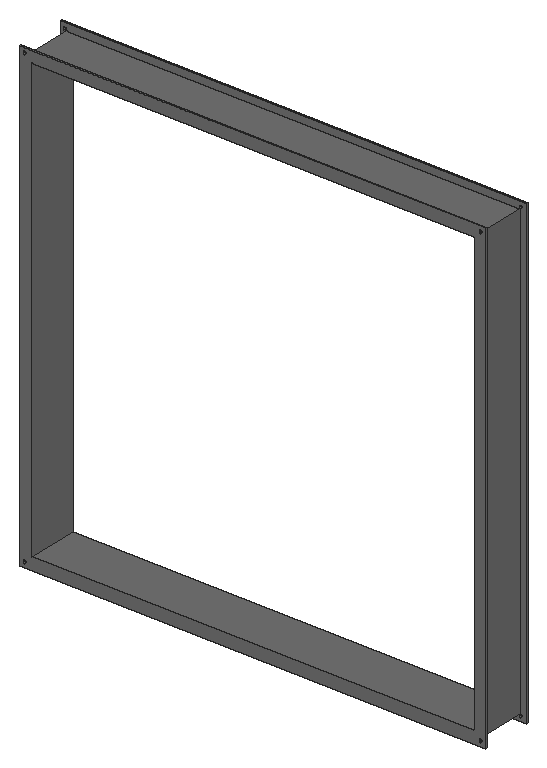
Revit family "19.Гибкая вставка ANR B1", category Оборудование, Revit 2016 (continued)
Definition of nested family "УГО гибкая вставка №40 (разрез)"
  Automatic sketch dimensions
    curve 39 to curve 40 = 0 mm
    curve 41 to curve 31 = 0 mm
    curve 212 to curve 213 = 0 mm
    curve 42 to curve 32 = 0 mm
    curve 213 to curve 211 = 0 mm  (x2)
    curve 43 to curve 33 = 0 mm
    curve 210 to curve 211 = 0 mm
    curve 44 to curve 34 = 0 mm
    curve 211 to curve 209 = 0 mm  (x2)
    curve 45 to curve 35 = 0 mm
    curve 208 to curve 209 = 0 mm
    curve 46 to curve 36 = 0 mm
    curve 209 to curve 207 = 0 mm  (x2)
    curve 47 to curve 37 = 0 mm
    curve 206 to curve 207 = 0 mm
    curve 48 to curve 38 = 0 mm
    curve 207 to curve 205 = 0 mm  (x2)
    curve 49 to curve 39 = 0 mm
    curve 204 to curve 205 = 0 mm
    curve 50 to curve 41 = 0 mm
    curve 205 to curve 203 = 0 mm  (x2)
    curve 202 to curve 203 = 0 mm
    curve 71 to curve 50 = 0 mm
    curve 203 to curve 201 = 0 mm  (x2)
    curve 72 to curve 50 = 0 mm
    curve 192 to curve 201 = 0 mm
    curve 50 to curve 73 = 0 mm
    curve 74 to curve 71 = 0 mm
    curve 201 to curve 191 = 0 mm  (x2)
    curve 75 to curve 72 = 0 mm
    curve 190 to curve 191 = 0 mm
    curve 76 to curve 74 = 0 mm
    curve 191 to curve 189 = 0 mm  (x2)
    curve 188 to curve 189 = 0 mm
    curve 103 to curve 76 = 0 mm
    curve 189 to curve 187 = 0 mm  (x2)
    curve 76 to curve 104 = 0 mm
    curve 143 to curve 105 = 0 mm
    curve 186 to curve 187 = 0 mm
    curve 106 to curve 103 = 0 mm
    curve 187 to curve 185 = 0 mm  (x2)
    curve 146 to curve 185 = 0 mm
    curve 139 to curve 143 = 0 mm
    curve 145 to curve 139 = 0 mm
    curve 143 to curve 140 = 0 mm
    curve 144 to curve 145 = 0 mm
    curve 105 to curve 141 = 0 mm
    curve 142 to curve 139 = 0 mm
    curve 220 to curve 222 = 28.8 mm
    curve 222 to curve 221 = 92.4 mm
    curve 141 to curve 143 = 150 mm
    curve 141 to curve 143 = 0 mm
    curve 144 to curve 141 = 0 mm
    curve 146 to curve 145 = 150 mm
    curve 140 to curve 144 = 0 mm
    curve 139 to curve 140 = 0 mm
    curve 139 to curve 146 = 0 mm
    curve 185 to curve 145 = 0 mm
    curve 104 to curve 106 = 150 mm
    curve 105 to curve 106 = 0 mm
    curve 145 to curve 186 = 0 mm
    curve 104 to curve 105 = 0 mm
    curve 103 to curve 143 = 0 mm
    curve 185 to curve 188 = 0 mm
    curve 106 to curve 76 = 0 mm
    curve 73 to curve 75 = 150 mm
    curve 187 to curve 190 = 0 mm
    curve 74 to curve 75 = 0 mm
    curve 73 to curve 74 = 0 mm
    curve 189 to curve 192 = 0 mm
    curve 72 to curve 76 = 0 mm
    curve 71 to curve 106 = 0 mm
    curve 191 to curve 202 = 0 mm
    curve 75 to curve 50 = 0 mm
    curve 40 to curve 49 = 150 mm
    curve 201 to curve 204 = 0 mm
    curve 48 to curve 49 = 0 mm
    curve 47 to curve 48 = 0 mm
    curve 203 to curve 206 = 0 mm
    curve 46 to curve 47 = 0 mm
    curve 45 to curve 46 = 0 mm
    curve 205 to curve 208 = 0 mm
    curve 44 to curve 45 = 0 mm
    curve 43 to curve 44 = 0 mm
    curve 207 to curve 210 = 0 mm
    curve 42 to curve 43 = 0 mm
    curve 41 to curve 42 = 0 mm
    curve 209 to curve 212 = 0 mm
    curve 40 to curve 48 = 0 mm
    curve 39 to curve 47 = 0 mm
    curve 211 to curve 214 = 0 mm
    curve 38 to curve 46 = 0 mm
    curve 37 to curve 45 = 0 mm
    curve 213 to curve 216 = 0 mm
    curve 36 to curve 44 = 0 mm
    curve 35 to curve 43 = 0 mm
    curve 215 to curve 218 = 0 mm
    curve 221 to curve 219 = 28.8 mm
    curve 34 to curve 42 = 0 mm
    curve 33 to curve 41 = 0 mm
    curve 217 to curve 220 = 0 mm
    curve 31 to curve 75 = 0 mm
    curve 32 to curve 50 = 0 mm
    curve 141 to curve 142 = 0 mm
    curve 219 to curve 222 = 0 mm
    curve 40 to curve 49 = 0 mm
    curve 40 to curve 39 = 100 mm
    curve 49 to curve 48 = 100 mm
    curve 48 to curve 40 = 25 mm
    curve 39 to curve 49 = 25 mm
    curve 40 to curve 47 = 75 mm
    curve 49 to curve 38 = 75 mm
    curve 47 to curve 39 = 25 mm
    curve 38 to curve 48 = 25 mm
    curve 48 to curve 37 = 75 mm
    curve 39 to curve 46 = 75 mm
    curve 46 to curve 38 = 25 mm
    curve 37 to curve 47 = 25 mm
    curve 47 to curve 36 = 75 mm
    curve 38 to curve 45 = 75 mm
    curve 36 to curve 46 = 25 mm
    curve 45 to curve 37 = 25 mm
    curve 37 to curve 44 = 75 mm
    curve 46 to curve 35 = 75 mm
    curve 35 to curve 45 = 25 mm
    curve 44 to curve 36 = 25 mm
    curve 45 to curve 34 = 75 mm
    curve 36 to curve 43 = 75 mm
    curve 43 to curve 35 = 25 mm
    curve 34 to curve 44 = 25 mm
    curve 44 to curve 33 = 75 mm
    curve 35 to curve 42 = 75 mm
    curve 42 to curve 34 = 25 mm
    curve 33 to curve 43 = 25 mm
    curve 43 to curve 32 = 75 mm
    curve 34 to curve 41 = 75 mm
    curve 41 to curve 33 = 25 mm
    curve 32 to curve 42 = 25 mm
    curve 42 to curve 31 = 75 mm
    curve 33 to curve 50 = 75 mm
    curve 31 to curve 41 = 25 mm
    curve 50 to curve 32 = 25 mm
    curve 32 to curve 75 = 75 mm
    curve 41 to curve 73 = 75 mm
    curve 75 to curve 31 = 25 mm
    curve 73 to curve 50 = 25 mm
    curve 50 to curve 72 = 75 mm
    curve 31 to curve 74 = 75 mm
    curve 74 to curve 73 = 25 mm
    curve 72 to curve 75 = 25 mm
    curve 73 to curve 76 = 75 mm
    curve 75 to curve 71 = 75 mm
    curve 76 to curve 72 = 25 mm
    curve 71 to curve 74 = 25 mm
    curve 72 to curve 106 = 75 mm
    curve 74 to curve 104 = 75 mm
    curve 106 to curve 71 = 25 mm
    curve 104 to curve 76 = 25 mm
    curve 76 to curve 103 = 75 mm
    curve 71 to curve 105 = 75 mm
    curve 103 to curve 106 = 25 mm
    curve 105 to curve 104 = 25 mm
    curve 104 to curve 143 = 75 mm
    curve 106 to curve 141 = 75 mm
    curve 143 to curve 103 = 25 mm
    curve 141 to curve 105 = 25 mm
    curve 105 to curve 140 = 75 mm
    curve 103 to curve 142 = 75 mm
    curve 142 to curve 141 = 25 mm
    curve 140 to curve 143 = 25 mm
    curve 143 to curve 139 = 75 mm
    curve 141 to curve 144 = 75 mm
    curve 144 to curve 140 = 25 mm
    curve 139 to curve 142 = 25 mm
    curve 142 to curve 145 = 75 mm
    curve 140 to curve 146 = 75 mm
    curve 145 to curve 144 = 25 mm
    curve 146 to curve 139 = 25 mm
    curve 139 to curve 186 = 75 mm
    curve 144 to curve 185 = 75 mm
    curve 185 to curve 146 = 25 mm
    curve 186 to curve 145 = 25 mm
    curve 146 to curve 187 = 75 mm
    curve 145 to curve 188 = 75 mm
    curve 187 to curve 186 = 25 mm
    curve 188 to curve 185 = 25 mm
    curve 186 to curve 189 = 75 mm
    curve 185 to curve 190 = 75 mm
    curve 190 to curve 187 = 25 mm
    curve 189 to curve 188 = 25 mm
    curve 187 to curve 192 = 75 mm
    curve 188 to curve 191 = 75 mm
    curve 192 to curve 189 = 25 mm
    curve 191 to curve 190 = 25 mm
    curve 189 to curve 202 = 75 mm
    curve 190 to curve 201 = 75 mm
    curve 201 to curve 192 = 25 mm
    curve 202 to curve 191 = 25 mm
    curve 191 to curve 204 = 75 mm
    curve 192 to curve 203 = 75 mm
    curve 204 to curve 201 = 25 mm
    curve 203 to curve 202 = 25 mm
    curve 202 to curve 205 = 75 mm
    curve 201 to curve 206 = 75 mm
    curve 205 to curve 204 = 25 mm
    curve 206 to curve 203 = 25 mm
    curve 203 to curve 208 = 75 mm
    curve 204 to curve 207 = 75 mm
    curve 207 to curve 206 = 25 mm
    curve 208 to curve 205 = 25 mm
    curve 206 to curve 209 = 75 mm
    curve 205 to curve 210 = 75 mm
    curve 209 to curve 208 = 25 mm
    curve 210 to curve 207 = 25 mm
    curve 208 to curve 211 = 75 mm
    curve 207 to curve 212 = 75 mm
    curve 212 to curve 209 = 25 mm
    curve 211 to curve 210 = 25 mm
    curve 209 to curve 214 = 75 mm
    curve 210 to curve 213 = 75 mm
    curve 214 to curve 211 = 25 mm
    curve 213 to curve 212 = 25 mm
    curve 211 to curve 216 = 75 mm
    curve 212 to curve 215 = 75 mm
    curve 215 to curve 214 = 25 mm
    curve 216 to curve 213 = 25 mm
    curve 213 to curve 218 = 75 mm
    curve 214 to curve 217 = 75 mm
    curve 218 to curve 215 = 25 mm
    curve 217 to curve 216 = 25 mm
    curve 216 to curve 219 = 75 mm
    curve 215 to curve 220 = 75 mm
    curve 219 to curve 218 = 25 mm
    curve 220 to curve 217 = 25 mm
    curve 217 to curve 222 = 75 mm
    curve 218 to curve 221 = 75 mm
    curve 221 to curve 220 = 25 mm
    curve 222 to curve 219 = 25 mm
    curve 220 to curve 222 = 76 mm
    curve 219 to curve 221 = 76 mm
    curve 181 to curve 147 = 0 mm
    curve 243 to curve 181 = 0 mm
    curve 147 to curve 148 = 0 mm
    curve 242 to curve 243 = 0 mm
    curve 148 to curve 149 = 0 mm
    curve 243 to curve 241 = 0 mm
    curve 149 to curve 150 = 0 mm
    curve 240 to curve 241 = 0 mm
    curve 150 to curve 151 = 0 mm
    curve 241 to curve 239 = 0 mm
    curve 151 to curve 152 = 0 mm
    curve 238 to curve 239 = 0 mm
    curve 152 to curve 153 = 0 mm
    curve 239 to curve 237 = 0 mm  (x2)
    curve 153 to curve 154 = 0 mm
    curve 236 to curve 237 = 0 mm
    curve 154 to curve 155 = 0 mm
    curve 237 to curve 235 = 0 mm  (x2)
    curve 155 to curve 156 = 0 mm
    curve 157 to curve 147 = 0 mm
    curve 234 to curve 235 = 0 mm
    curve 158 to curve 148 = 0 mm
    curve 235 to curve 233 = 0 mm  (x2)
    curve 159 to curve 149 = 0 mm
    curve 232 to curve 233 = 0 mm
    curve 160 to curve 150 = 0 mm
    curve 233 to curve 231 = 0 mm  (x2)
    curve 161 to curve 151 = 0 mm
    curve 230 to curve 231 = 0 mm
    curve 162 to curve 152 = 0 mm
    curve 231 to curve 229 = 0 mm  (x2)
    curve 163 to curve 153 = 0 mm
    curve 228 to curve 229 = 0 mm
    curve 164 to curve 154 = 0 mm
    curve 229 to curve 227 = 0 mm  (x2)
    curve 165 to curve 155 = 0 mm
    curve 226 to curve 227 = 0 mm
    curve 166 to curve 157 = 0 mm
    curve 227 to curve 225 = 0 mm  (x2)
    curve 224 to curve 225 = 0 mm
    curve 167 to curve 166 = 0 mm
    curve 225 to curve 223 = 0 mm  (x2)
    curve 168 to curve 166 = 0 mm
    curve 200 to curve 223 = 0 mm
    curve 166 to curve 169 = 0 mm
    curve 170 to curve 167 = 0 mm
    curve 223 to curve 199 = 0 mm  (x2)
    curve 171 to curve 168 = 0 mm
    curve 198 to curve 199 = 0 mm
    curve 172 to curve 170 = 0 mm
    curve 199 to curve 197 = 0 mm  (x2)
    curve 196 to curve 197 = 0 mm
    curve 173 to curve 172 = 0 mm
    curve 197 to curve 195 = 0 mm  (x2)
    curve 172 to curve 174 = 0 mm
    curve 181 to curve 175 = 0 mm
    curve 194 to curve 195 = 0 mm
    curve 176 to curve 173 = 0 mm
    curve 195 to curve 193 = 0 mm  (x2)
    curve 184 to curve 193 = 0 mm
    curve 177 to curve 181 = 0 mm
    curve 183 to curve 177 = 0 mm
    curve 181 to curve 178 = 0 mm
    curve 182 to curve 183 = 0 mm
    curve 175 to curve 179 = 0 mm
    curve 180 to curve 177 = 0 mm
    curve 242 to curve 244 = 28.8 mm
    curve 244 to curve 243 = 92.4 mm
    curve 179 to curve 181 = 150 mm
    curve 179 to curve 181 = 0 mm
    curve 182 to curve 179 = 0 mm
    curve 184 to curve 183 = 150 mm
    curve 178 to curve 182 = 0 mm
    curve 177 to curve 178 = 0 mm
    curve 177 to curve 184 = 0 mm
    curve 193 to curve 183 = 0 mm
    curve 174 to curve 176 = 150 mm
    curve 175 to curve 176 = 0 mm
    curve 183 to curve 194 = 0 mm
    curve 174 to curve 175 = 0 mm
    curve 173 to curve 181 = 0 mm
    curve 193 to curve 196 = 0 mm
    curve 176 to curve 172 = 0 mm
    curve 169 to curve 171 = 150 mm
    curve 195 to curve 198 = 0 mm
    curve 170 to curve 171 = 0 mm
    curve 169 to curve 170 = 0 mm
    curve 197 to curve 200 = 0 mm
    curve 168 to curve 172 = 0 mm
    curve 167 to curve 176 = 0 mm
    curve 199 to curve 224 = 0 mm
    curve 171 to curve 166 = 0 mm
    curve 156 to curve 165 = 150 mm
    curve 223 to curve 226 = 0 mm
    curve 164 to curve 165 = 0 mm
    curve 163 to curve 164 = 0 mm
    curve 225 to curve 228 = 0 mm
    curve 162 to curve 163 = 0 mm
    curve 161 to curve 162 = 0 mm
    curve 227 to curve 230 = 0 mm
    curve 160 to curve 161 = 0 mm
    curve 159 to curve 160 = 0 mm
    curve 229 to curve 232 = 0 mm
    curve 158 to curve 159 = 0 mm
    curve 157 to curve 158 = 0 mm
    curve 231 to curve 234 = 0 mm
    curve 156 to curve 164 = 0 mm
    curve 155 to curve 163 = 0 mm
    curve 233 to curve 236 = 0 mm
    curve 154 to curve 162 = 0 mm
    curve 153 to curve 161 = 0 mm
    curve 235 to curve 238 = 0 mm
    curve 152 to curve 160 = 0 mm
    curve 151 to curve 159 = 0 mm
    curve 237 to curve 240 = 0 mm
    curve 243 to curve 241 = 28.8 mm
    curve 150 to curve 158 = 0 mm
    curve 149 to curve 157 = 0 mm
    curve 239 to curve 242 = 0 mm
    curve 147 to curve 171 = 0 mm
    curve 148 to curve 166 = 0 mm
    curve 179 to curve 180 = 0 mm
    curve 241 to curve 244 = 0 mm
    curve 156 to curve 165 = 0 mm
    curve 156 to curve 155 = 100 mm
    curve 165 to curve 164 = 100 mm
    curve 164 to curve 156 = 25 mm
    curve 155 to curve 165 = 25 mm
    curve 156 to curve 163 = 75 mm
    curve 165 to curve 154 = 75 mm
    curve 163 to curve 155 = 25 mm
    curve 154 to curve 164 = 25 mm
    curve 164 to curve 153 = 75 mm
    curve 155 to curve 162 = 75 mm
    curve 162 to curve 154 = 25 mm
    curve 153 to curve 163 = 25 mm
    curve 163 to curve 152 = 75 mm
    curve 154 to curve 161 = 75 mm
    curve 152 to curve 162 = 25 mm
    curve 161 to curve 153 = 25 mm
    curve 153 to curve 160 = 75 mm
    curve 162 to curve 151 = 75 mm
    curve 151 to curve 161 = 25 mm
    curve 160 to curve 152 = 25 mm
    curve 161 to curve 150 = 75 mm
    curve 152 to curve 159 = 75 mm
    curve 159 to curve 151 = 25 mm
    curve 150 to curve 160 = 25 mm
    curve 160 to curve 149 = 75 mm
    curve 151 to curve 158 = 75 mm
    curve 158 to curve 150 = 25 mm
    curve 149 to curve 159 = 25 mm
    curve 159 to curve 148 = 75 mm
    curve 150 to curve 157 = 75 mm
    curve 157 to curve 149 = 25 mm
    curve 148 to curve 158 = 25 mm
    curve 158 to curve 147 = 75 mm
    curve 149 to curve 166 = 75 mm
    curve 147 to curve 157 = 25 mm
    curve 166 to curve 148 = 25 mm
    curve 148 to curve 171 = 75 mm
    curve 157 to curve 169 = 75 mm
    curve 171 to curve 147 = 25 mm
    curve 169 to curve 166 = 25 mm
    curve 166 to curve 168 = 75 mm
    curve 147 to curve 170 = 75 mm
    curve 170 to curve 169 = 25 mm
    curve 168 to curve 171 = 25 mm
    curve 169 to curve 172 = 75 mm
    curve 171 to curve 167 = 75 mm
    curve 172 to curve 168 = 25 mm
    curve 167 to curve 170 = 25 mm
    curve 168 to curve 176 = 75 mm
    curve 170 to curve 174 = 75 mm
    curve 176 to curve 167 = 25 mm
    curve 174 to curve 172 = 25 mm
    curve 172 to curve 173 = 75 mm
    curve 167 to curve 175 = 75 mm
    curve 173 to curve 176 = 25 mm
    curve 175 to curve 174 = 25 mm
    curve 174 to curve 181 = 75 mm
    curve 176 to curve 179 = 75 mm
    curve 181 to curve 173 = 25 mm
    curve 179 to curve 175 = 25 mm
    curve 175 to curve 178 = 75 mm
    curve 173 to curve 180 = 75 mm
    curve 180 to curve 179 = 25 mm
    curve 178 to curve 181 = 25 mm
    curve 181 to curve 177 = 75 mm
    curve 179 to curve 182 = 75 mm
    curve 182 to curve 178 = 25 mm
    curve 177 to curve 180 = 25 mm
    curve 180 to curve 183 = 75 mm
    curve 178 to curve 184 = 75 mm
    curve 183 to curve 182 = 25 mm
    curve 184 to curve 177 = 25 mm
    curve 177 to curve 194 = 75 mm
    curve 182 to curve 193 = 75 mm
    curve 193 to curve 184 = 25 mm
    curve 194 to curve 183 = 25 mm
    curve 184 to curve 195 = 75 mm
    curve 183 to curve 196 = 75 mm
    curve 195 to curve 194 = 25 mm
    curve 196 to curve 193 = 25 mm
    curve 194 to curve 197 = 75 mm
    curve 193 to curve 198 = 75 mm
    curve 198 to curve 195 = 25 mm
    curve 197 to curve 196 = 25 mm
    curve 195 to curve 200 = 75 mm
    curve 196 to curve 199 = 75 mm
    curve 200 to curve 197 = 25 mm
    curve 199 to curve 198 = 25 mm
    curve 197 to curve 224 = 75 mm
    curve 198 to curve 223 = 75 mm
    curve 223 to curve 200 = 25 mm
    curve 224 to curve 199 = 25 mm
    curve 199 to curve 226 = 75 mm
    curve 200 to curve 225 = 75 mm
    curve 226 to curve 223 = 25 mm
    curve 225 to curve 224 = 25 mm
    curve 224 to curve 227 = 75 mm
    curve 223 to curve 228 = 75 mm
    curve 227 to curve 226 = 25 mm
    curve 228 to curve 225 = 25 mm
    curve 225 to curve 230 = 75 mm
    curve 226 to curve 229 = 75 mm
    curve 229 to curve 228 = 25 mm
    curve 230 to curve 227 = 25 mm
    curve 228 to curve 231 = 75 mm
    curve 227 to curve 232 = 75 mm
    curve 231 to curve 230 = 25 mm
    curve 232 to curve 229 = 25 mm
    curve 230 to curve 233 = 75 mm
    curve 229 to curve 234 = 75 mm
    curve 234 to curve 231 = 25 mm
    curve 233 to curve 232 = 25 mm
    curve 231 to curve 236 = 75 mm
    curve 232 to curve 235 = 75 mm
    curve 236 to curve 233 = 25 mm
    curve 235 to curve 234 = 25 mm
    curve 233 to curve 238 = 75 mm
    curve 234 to curve 237 = 75 mm
    curve 237 to curve 236 = 25 mm
    curve 238 to curve 235 = 25 mm
    curve 235 to curve 240 = 75 mm
    curve 236 to curve 239 = 75 mm
    curve 240 to curve 237 = 25 mm
    curve 239 to curve 238 = 25 mm
    curve 238 to curve 241 = 75 mm
    curve 237 to curve 242 = 75 mm
    curve 241 to curve 240 = 25 mm
    curve 242 to curve 239 = 25 mm
    curve 239 to curve 244 = 75 mm
    curve 240 to curve 243 = 75 mm
    curve 243 to curve 242 = 25 mm
    curve 244 to curve 241 = 25 mm
    curve 242 to curve 244 = 76 mm
    curve 241 to curve 243 = 76 mm
Definition of nested family "УГО гибкая вставка №45 (разрез)"
  Parameters (values of type "УГО гибкая вставка №45 (разрез)")
    длина [instance] = 150 mm
    высота [instance] = 4013 mm
    Ширина [instance] = 410 mm
    Частота вращения n, об/мин = ""
    Тип, марка, обозначение = ""
    Сила тока J, А = ""
    Раздел = ""
    Примечание = ""
    Позиция = ""
    Default Elevation = 1219.2 mm
    Напряжение U,В = ""
    Наименование и тех.хар-ка = ""
    Мощность двигателя N,Вт = ""
    Материал = none
    Масса единицы = ""
    Код, оборудования = ""
    Keynote = ""
    Завод изготовитель = ""
    Единица измерения = ""
    Диаметр = 110 mm
  Reference planes
    plane 1 "По центру (Вперед/Назад)": y = 0
    plane 2: z = 0
    plane 3 "По центру (Влево/Вправо)": x = 0
    plane 4: z = 4013
    plane 5: x = 75
    plane 6: x = -75
    plane 7: z = 2006.5
  Lines and regions (mm)
    model lines
      curve 1: line (-75, 0, 0) -> (75, 0, 0)
      curve 2: line (-75, 0, 4013) -> (-75, 0, 0)
      curve 3: line (75, 0, 4013) -> (-75, 0, 4013)
      curve 4: line (75, 0, 0) -> (75, 0, 4013)
      curve 31: line (75, 0, 1022) -> (-75, 0, 897)
      curve 32: line (75, 0, 922) -> (-75, 0, 797)
      curve 33: line (75, 0, 822) -> (-75, 0, 697)
      curve 34: line (75, 0, 722) -> (-75, 0, 597)
      curve 35: line (75, 0, 622) -> (-75, 0, 497)
      curve 36: line (75, 0, 522) -> (-75, 0, 397)
      curve 37: line (75, 0, 422) -> (-75, 0, 297)
      curve 38: line (75, 0, 322) -> (-75, 0, 197)
      curve 39: line (75, 0, 222) -> (-75, 0, 97)
      curve 40: line (75, 0, 122) -> (-75, 0, -3)
      curve 41: line (-75, 0, 922) -> (75, 0, 797)
      curve 42: line (-75, 0, 822) -> (75, 0, 697)
      curve 43: line (-75, 0, 722) -> (75, 0, 597)
      curve 44: line (-75, 0, 622) -> (75, 0, 497)
      curve 45: line (-75, 0, 522) -> (75, 0, 397)
      curve 46: line (-75, 0, 422) -> (75, 0, 297)
      curve 47: line (-75, 0, 322) -> (75, 0, 197)
      curve 48: line (-75, 0, 222) -> (75, 0, 97)
      curve 49: line (-75, 0, 122) -> (75, 0, -3)
      curve 50: line (-75, 0, 1022) -> (75, 0, 897)
      curve 71: line (75, 0, 1322) -> (-75, 0, 1197)
      curve 72: line (75, 0, 1222) -> (-75, 0, 1097)
      curve 73: line (75, 0, 1122) -> (-75, 0, 997)
      curve 74: line (-75, 0, 1222) -> (75, 0, 1097)
      curve 75: line (-75, 0, 1122) -> (75, 0, 997)
      curve 76: line (-75, 0, 1322) -> (75, 0, 1197)
      curve 103: line (75, 0, 1522) -> (-75, 0, 1397)
      curve 104: line (75, 0, 1422) -> (-75, 0, 1297)
      curve 105: line (-75, 0, 1522) -> (75, 0, 1397)
      curve 106: line (-75, 0, 1422) -> (75, 0, 1297)
      curve 139: line (75, 0, 1822) -> (-75, 0, 1697)
      curve 140: line (75, 0, 1722) -> (-75, 0, 1597)
      curve 141: line (75, 0, 1622) -> (-75, 0, 1497)
      curve 142: line (-75, 0, 1722) -> (75, 0, 1597)
      curve 143: line (-75, 0, 1622) -> (75, 0, 1497)
      curve 144: line (-75, 0, 1822) -> (75, 0, 1697)
      curve 145: line (75, 0, 1922) -> (-75, 0, 1797)
      curve 146: line (-75, 0, 1922) -> (75, 0, 1797)
      curve 185: line (75, 0, 2022) -> (-75, 0, 1897)
      curve 186: line (-75, 0, 2022) -> (75, 0, 1897)
      curve 187: line (75, 0, 2122) -> (-75, 0, 1997)
      curve 188: line (-75, 0, 2122) -> (75, 0, 1997)
      curve 189: line (75, 0, 2222) -> (-75, 0, 2097)
      curve 190: line (-75, 0, 2222) -> (75, 0, 2097)
      curve 191: line (75, 0, 2322) -> (-75, 0, 2197)
      curve 192: line (-75, 0, 2322) -> (75, 0, 2197)
      curve 201: line (75, 0, 2422) -> (-75, 0, 2297)
      curve 202: line (-75, 0, 2422) -> (75, 0, 2297)
      curve 203: line (75, 0, 2522) -> (-75, 0, 2397)
      curve 204: line (-75, 0, 2522) -> (75, 0, 2397)
      curve 205: line (75, 0, 2622) -> (-75, 0, 2497)
      curve 206: line (-75, 0, 2622) -> (75, 0, 2497)
      curve 207: line (75, 0, 2722) -> (-75, 0, 2597)
      curve 208: line (-75, 0, 2722) -> (75, 0, 2597)
      curve 209: line (75, 0, 2822) -> (-75, 0, 2697)
      curve 210: line (-75, 0, 2822) -> (75, 0, 2697)
      curve 211: line (75, 0, 2922) -> (-75, 0, 2797)
      curve 212: line (-75, 0, 2922) -> (75, 0, 2797)
      curve 213: line (75, 0, 3022) -> (-75, 0, 2897)
      curve 214: line (-75, 0, 3022) -> (75, 0, 2897)
      curve 215: line (75, 0, 3122) -> (-75, 0, 2997)
      curve 216: line (-75, 0, 3122) -> (75, 0, 2997)
      curve 217: line (75, 0, 3222) -> (-75, 0, 3097)
      curve 218: line (-75, 0, 3222) -> (75, 0, 3097)
      curve 219: line (75, 0, 3322) -> (-75, 0, 3197)
      curve 220: line (-75, 0, 3322) -> (75, 0, 3197)
      curve 241: line (75, 0, 3422) -> (-75, 0, 3297)
      curve 242: line (-75, 0, 3422) -> (75, 0, 3297)
      curve 243: line (75, 0, 3522) -> (-75, 0, 3397)
      curve 244: line (-75, 0, 3522) -> (75, 0, 3397)
      curve 245: line (75, 0, 3622) -> (-75, 0, 3497)
      curve 246: line (-75, 0, 3622) -> (75, 0, 3497)
      curve 247: line (75, 0, 3722) -> (-75, 0, 3597)
      curve 248: line (-75, 0, 3722) -> (75, 0, 3597)
      curve 249: line (75, 0, 3822) -> (-75, 0, 3697)
      curve 250: line (-75, 0, 3822) -> (75, 0, 3697)
      curve 251: line (75, 0, 3922) -> (-75, 0, 3797)
      curve 252: line (-75, 0, 3922) -> (75, 0, 3797)
      curve 253: line (64.2, 0, 4013) -> (-75, 0, 3897)
      curve 254: line (-64.2, 0, 4013) -> (75, 0, 3897)
    model lines, not visible
      curve 5: line (63.964, 0, 624.61) -> (63.964, 0, 608.219)
      curve 6: line (63.964, 0, 608.219) -> (-88.681, 0, 555.659)
      curve 7: line (-88.681, 0, 555.659) -> (-88.681, 0, 524.267)
      curve 8: line (63.964, 0, 471.707) -> (-88.681, 0, 524.267)
      curve 9: line (63.964, 0, 471.707) -> (63.964, 0, 455.315)
      curve 10: line (63.964, 0, 455.315) -> (-88.681, 0, 402.755)
      curve 11: line (-88.681, 0, 402.755) -> (-88.681, 0, 371.363)
      curve 12: line (63.964, 0, 318.804) -> (-88.681, 0, 371.363)
      curve 13: line (63.964, 0, 318.804) -> (63.964, 0, 302.412)
      curve 14: line (63.964, 0, 302.412) -> (-88.681, 0, 249.852)
      curve 15: line (-88.681, 0, 249.852) -> (-88.681, 0, 218.46)
      curve 16: line (63.964, 0, 165.9) -> (-88.681, 0, 218.46)
      curve 17: line (63.964, 0, 165.9) -> (63.964, 0, 149.508)
      curve 18: line (63.964, 0, 149.508) -> (-88.681, 0, 96.948)
      curve 19: line (-88.681, 0, 96.948) -> (-88.681, 0, 65.557)
      curve 20: line (63.964, 0, 12.997) -> (-88.681, 0, 65.557)
      curve 21: circle (0, 0, 250) r 25 normal (0, -1, 0)
      curve 22: line (31.82, 0, 281.82) -> (-31.82, 0, 218.18)
      curve 23: circle (0, 0, 352.5) r 25 normal (0, -1, 0)
      curve 24: line (31.82, 0, 384.32) -> (-31.82, 0, 320.68)
      curve 25: circle (0, 0, 450) r 25 normal (0, -1, 0)
      curve 26: line (31.82, 0, 481.82) -> (-31.82, 0, 418.18)
      curve 27: circle (0, 0, 50.755) r 25 normal (0, -1, 0)
      curve 28: line (31.82, 0, 82.575) -> (-31.82, 0, 18.935)
      curve 29: circle (0, 0, 148.255) r 25 normal (0, -1, 0)
      curve 30: line (31.82, 0, 180.075) -> (-31.82, 0, 116.435)
      curve 51: line (75, 0, 1022) -> (-75, 0, 897)
      curve 52: line (75, 0, 922) -> (-75, 0, 797)
      curve 53: line (75, 0, 822) -> (-75, 0, 697)
      curve 54: line (75, 0, 722) -> (-75, 0, 597)
      curve 55: line (75, 0, 622) -> (-75, 0, 497)
      curve 56: line (75, 0, 522) -> (-75, 0, 397)
      curve 57: line (75, 0, 422) -> (-75, 0, 297)
      curve 58: line (75, 0, 322) -> (-75, 0, 197)
      curve 59: line (75, 0, 222) -> (-75, 0, 97)
      curve 60: line (75, 0, 122) -> (-75, 0, -3)
      curve 61: line (-75, 0, 922) -> (75, 0, 797)
      curve 62: line (-75, 0, 822) -> (75, 0, 697)
      curve 63: line (-75, 0, 722) -> (75, 0, 597)
      curve 64: line (-75, 0, 622) -> (75, 0, 497)
      curve 65: line (-75, 0, 522) -> (75, 0, 397)
      curve 66: line (-75, 0, 422) -> (75, 0, 297)
      curve 67: line (-75, 0, 322) -> (75, 0, 197)
      curve 68: line (-75, 0, 222) -> (75, 0, 97)
      curve 69: line (-75, 0, 122) -> (75, 0, -3)
      curve 70: line (-75, 0, 1022) -> (75, 0, 897)
      curve 77: line (75, 0, 1022) -> (-75, 0, 897)
      curve 78: line (75, 0, 922) -> (-75, 0, 797)
      curve 79: line (75, 0, 822) -> (-75, 0, 697)
      curve 80: line (75, 0, 722) -> (-75, 0, 597)
      curve 81: line (75, 0, 622) -> (-75, 0, 497)
      curve 82: line (75, 0, 522) -> (-75, 0, 397)
      curve 83: line (75, 0, 422) -> (-75, 0, 297)
      curve 84: line (75, 0, 322) -> (-75, 0, 197)
      curve 85: line (75, 0, 222) -> (-75, 0, 97)
      curve 86: line (75, 0, 122) -> (-75, 0, -3)
      curve 87: line (-75, 0, 922) -> (75, 0, 797)
      curve 88: line (-75, 0, 822) -> (75, 0, 697)
      curve 89: line (-75, 0, 722) -> (75, 0, 597)
      curve 90: line (-75, 0, 622) -> (75, 0, 497)
      curve 91: line (-75, 0, 522) -> (75, 0, 397)
      curve 92: line (-75, 0, 422) -> (75, 0, 297)
      curve 93: line (-75, 0, 322) -> (75, 0, 197)
      curve 94: line (-75, 0, 222) -> (75, 0, 97)
      curve 95: line (-75, 0, 122) -> (75, 0, -3)
      curve 96: line (-75, 0, 1022) -> (75, 0, 897)
      curve 97: line (75, 0, 1322) -> (-75, 0, 1197)
      curve 98: line (75, 0, 1222) -> (-75, 0, 1097)
      curve 99: line (75, 0, 1122) -> (-75, 0, 997)
      curve 100: line (-75, 0, 1222) -> (75, 0, 1097)
      curve 101: line (-75, 0, 1122) -> (75, 0, 997)
      curve 102: line (-75, 0, 1322) -> (75, 0, 1197)
      curve 107: line (75, 0, 1022) -> (-75, 0, 897)
      curve 108: line (75, 0, 922) -> (-75, 0, 797)
      curve 109: line (75, 0, 822) -> (-75, 0, 697)
      curve 110: line (75, 0, 722) -> (-75, 0, 597)
      curve 111: line (75, 0, 622) -> (-75, 0, 497)
      curve 112: line (75, 0, 522) -> (-75, 0, 397)
      curve 113: line (75, 0, 422) -> (-75, 0, 297)
      curve 114: line (75, 0, 322) -> (-75, 0, 197)
      curve 115: line (75, 0, 222) -> (-75, 0, 97)
      curve 116: line (75, 0, 122) -> (-75, 0, -3)
      curve 117: line (-75, 0, 922) -> (75, 0, 797)
      curve 118: line (-75, 0, 822) -> (75, 0, 697)
      curve 119: line (-75, 0, 722) -> (75, 0, 597)
      curve 120: line (-75, 0, 622) -> (75, 0, 497)
      curve 121: line (-75, 0, 522) -> (75, 0, 397)
      curve 122: line (-75, 0, 422) -> (75, 0, 297)
      curve 123: line (-75, 0, 322) -> (75, 0, 197)
      curve 124: line (-75, 0, 222) -> (75, 0, 97)
      curve 125: line (-75, 0, 122) -> (75, 0, -3)
      curve 126: line (-75, 0, 1022) -> (75, 0, 897)
      curve 127: line (75, 0, 1322) -> (-75, 0, 1197)
      curve 128: line (75, 0, 1222) -> (-75, 0, 1097)
      curve 129: line (75, 0, 1122) -> (-75, 0, 997)
      curve 130: line (-75, 0, 1222) -> (75, 0, 1097)
      curve 131: line (-75, 0, 1122) -> (75, 0, 997)
      curve 132: line (-75, 0, 1322) -> (75, 0, 1197)
      curve 133: line (27, 0, 1582) -> (-75, 0, 1497)
      curve 134: line (75, 0, 1522) -> (-75, 0, 1397)
      curve 135: line (75, 0, 1422) -> (-75, 0, 1297)
      curve 136: line (-75, 0, 1522) -> (75, 0, 1397)
      curve 137: line (-75, 0, 1422) -> (75, 0, 1297)
      curve 138: line (-27, 0, 1582) -> (75, 0, 1497)
      curve 147: line (75, 0, 1022) -> (-75, 0, 897)
      curve 148: line (75, 0, 922) -> (-75, 0, 797)
      curve 149: line (75, 0, 822) -> (-75, 0, 697)
      curve 150: line (75, 0, 722) -> (-75, 0, 597)
      curve 151: line (75, 0, 622) -> (-75, 0, 497)
      curve 152: line (75, 0, 522) -> (-75, 0, 397)
      curve 153: line (75, 0, 422) -> (-75, 0, 297)
      curve 154: line (75, 0, 322) -> (-75, 0, 197)
      curve 155: line (75, 0, 222) -> (-75, 0, 97)
      curve 156: line (75, 0, 122) -> (-75, 0, -3)
      curve 157: line (-75, 0, 922) -> (75, 0, 797)
      curve 158: line (-75, 0, 822) -> (75, 0, 697)
      curve 159: line (-75, 0, 722) -> (75, 0, 597)
      curve 160: line (-75, 0, 622) -> (75, 0, 497)
      curve 161: line (-75, 0, 522) -> (75, 0, 397)
      curve 162: line (-75, 0, 422) -> (75, 0, 297)
      curve 163: line (-75, 0, 322) -> (75, 0, 197)
      curve 164: line (-75, 0, 222) -> (75, 0, 97)
      curve 165: line (-75, 0, 122) -> (75, 0, -3)
      curve 166: line (-75, 0, 1022) -> (75, 0, 897)
      curve 167: line (75, 0, 1322) -> (-75, 0, 1197)
      curve 168: line (75, 0, 1222) -> (-75, 0, 1097)
      curve 169: line (75, 0, 1122) -> (-75, 0, 997)
      curve 170: line (-75, 0, 1222) -> (75, 0, 1097)
      curve 171: line (-75, 0, 1122) -> (75, 0, 997)
      curve 172: line (-75, 0, 1322) -> (75, 0, 1197)
      curve 173: line (75, 0, 1522) -> (-75, 0, 1397)
      curve 174: line (75, 0, 1422) -> (-75, 0, 1297)
      curve 175: line (-75, 0, 1522) -> (75, 0, 1397)
      curve 176: line (-75, 0, 1422) -> (75, 0, 1297)
      curve 177: line (75, 0, 1822) -> (-75, 0, 1697)
      curve 178: line (75, 0, 1722) -> (-75, 0, 1597)
      curve 179: line (75, 0, 1622) -> (-75, 0, 1497)
      curve 180: line (-75, 0, 1722) -> (75, 0, 1597)
      curve 181: line (-75, 0, 1622) -> (75, 0, 1497)
      curve 182: line (-75, 0, 1822) -> (75, 0, 1697)
      curve 183: line (75, 0, 1922) -> (-75, 0, 1797)
      curve 184: line (-75, 0, 1922) -> (75, 0, 1797)
      curve 193: line (75, 0, 2022) -> (-75, 0, 1897)
      curve 194: line (-75, 0, 2022) -> (75, 0, 1897)
      curve 195: line (75, 0, 2122) -> (-75, 0, 1997)
      curve 196: line (-75, 0, 2122) -> (75, 0, 1997)
      curve 197: line (75, 0, 2222) -> (-75, 0, 2097)
      curve 198: line (-75, 0, 2222) -> (75, 0, 2097)
      curve 199: line (75, 0, 2322) -> (-75, 0, 2197)
      curve 200: line (-75, 0, 2322) -> (75, 0, 2197)
      curve 221: line (75, 0, 2422) -> (-75, 0, 2297)
      curve 222: line (-75, 0, 2422) -> (75, 0, 2297)
      curve 223: line (75, 0, 2522) -> (-75, 0, 2397)
      curve 224: line (-75, 0, 2522) -> (75, 0, 2397)
      curve 225: line (75, 0, 2622) -> (-75, 0, 2497)
      curve 226: line (-75, 0, 2622) -> (75, 0, 2497)
      curve 227: line (75, 0, 2722) -> (-75, 0, 2597)
      curve 228: line (-75, 0, 2722) -> (75, 0, 2597)
      curve 229: line (75, 0, 2822) -> (-75, 0, 2697)
      curve 230: line (-75, 0, 2822) -> (75, 0, 2697)
      curve 231: line (75, 0, 2922) -> (-75, 0, 2797)
      curve 232: line (-75, 0, 2922) -> (75, 0, 2797)
      curve 233: line (75, 0, 3022) -> (-75, 0, 2897)
      curve 234: line (-75, 0, 3022) -> (75, 0, 2897)
      curve 235: line (75, 0, 3122) -> (-75, 0, 2997)
      curve 236: line (-75, 0, 3122) -> (75, 0, 2997)
      curve 237: line (75, 0, 3222) -> (-75, 0, 3097)
      curve 238: line (-75, 0, 3222) -> (75, 0, 3097)
      curve 239: line (75, 0, 3322) -> (-75, 0, 3197)
      curve 240: line (-75, 0, 3322) -> (75, 0, 3197)
      curve 255: line (75, 0, 3422) -> (-75, 0, 3297)
      curve 256: line (-75, 0, 3422) -> (75, 0, 3297)
      curve 257: line (75, 0, 3522) -> (-75, 0, 3397)
      curve 258: line (-75, 0, 3522) -> (75, 0, 3397)
      curve 259: line (75, 0, 3622) -> (-75, 0, 3497)
      curve 260: line (-75, 0, 3622) -> (75, 0, 3497)
      curve 261: line (75, 0, 3722) -> (-75, 0, 3597)
      curve 262: line (-75, 0, 3722) -> (75, 0, 3597)
      curve 263: line (75, 0, 3822) -> (-75, 0, 3697)
      curve 264: line (-75, 0, 3822) -> (75, 0, 3697)
      curve 265: line (75, 0, 3922) -> (-75, 0, 3797)
      curve 266: line (-75, 0, 3922) -> (75, 0, 3797)
      curve 267: line (64.2, 0, 4013) -> (-75, 0, 3897)
      curve 268: line (-64.2, 0, 4013) -> (75, 0, 3897)
  Dimensions and locks
    equal spacing: plane 5, plane 3 "По центру (Влево/Вправо)", plane 6
    "длина": plane 5 to plane 6
    "высота": plane 4 to level
    equal spacing: plane 4, plane 7, plane 2
    aligned and locked: level to plane 2
  Automatic sketch dimensions
    curve 1 to level = 0 mm
    curve 1 to plane 6 = 0 mm
    curve 3 to plane 4 = 0 mm
    curve 3 to plane 5 = 0 mm
    curve 253 to curve 31 = 0 mm
    curve 252 to curve 253 = 0 mm
    curve 31 to curve 32 = 0 mm
    curve 253 to curve 251 = 0 mm
    curve 32 to curve 33 = 0 mm
    curve 250 to curve 251 = 0 mm
    curve 33 to curve 34 = 0 mm
    curve 251 to curve 249 = 0 mm
    curve 34 to curve 35 = 0 mm
    curve 248 to curve 249 = 0 mm
    curve 35 to curve 36 = 0 mm
    curve 249 to curve 247 = 0 mm  (x2)
    curve 36 to curve 37 = 0 mm
    curve 246 to curve 247 = 0 mm
    curve 37 to curve 38 = 0 mm
    curve 247 to curve 245 = 0 mm  (x2)
    curve 38 to curve 39 = 0 mm
    curve 244 to curve 245 = 0 mm
    curve 39 to curve 40 = 0 mm
    curve 41 to curve 31 = 0 mm
    curve 245 to curve 243 = 0 mm  (x2)
    curve 42 to curve 32 = 0 mm
    curve 242 to curve 243 = 0 mm
    curve 43 to curve 33 = 0 mm
    curve 243 to curve 241 = 0 mm  (x2)
    curve 44 to curve 34 = 0 mm
    curve 220 to curve 241 = 0 mm
    curve 45 to curve 35 = 0 mm
    curve 241 to curve 219 = 0 mm  (x2)
    curve 46 to curve 36 = 0 mm
    curve 218 to curve 219 = 0 mm
    curve 47 to curve 37 = 0 mm
    curve 219 to curve 217 = 0 mm  (x2)
    curve 48 to curve 38 = 0 mm
    curve 216 to curve 217 = 0 mm
    curve 49 to curve 39 = 0 mm
    curve 217 to curve 215 = 0 mm  (x2)
    curve 50 to curve 41 = 0 mm
    curve 214 to curve 215 = 0 mm
    curve 215 to curve 213 = 0 mm  (x2)
    curve 71 to curve 50 = 0 mm
    curve 212 to curve 213 = 0 mm
    curve 72 to curve 50 = 0 mm
    curve 213 to curve 211 = 0 mm  (x2)
    curve 50 to curve 73 = 0 mm
    curve 74 to curve 71 = 0 mm
    curve 210 to curve 211 = 0 mm
    curve 75 to curve 72 = 0 mm
    curve 211 to curve 209 = 0 mm  (x2)
    curve 76 to curve 74 = 0 mm
    curve 208 to curve 209 = 0 mm
    curve 209 to curve 207 = 0 mm  (x2)
    curve 103 to curve 76 = 0 mm
    curve 206 to curve 207 = 0 mm
    curve 76 to curve 104 = 0 mm
    curve 105 to curve 103 = 0 mm
    curve 207 to curve 205 = 0 mm  (x2)
    curve 106 to curve 103 = 0 mm
    curve 204 to curve 205 = 0 mm
    curve 205 to curve 203 = 0 mm  (x2)
    curve 139 to curve 105 = 0 mm
    curve 202 to curve 203 = 0 mm
    curve 140 to curve 105 = 0 mm
    curve 203 to curve 201 = 0 mm  (x2)
    curve 105 to curve 141 = 0 mm
    curve 142 to curve 139 = 0 mm
    curve 192 to curve 201 = 0 mm
    curve 143 to curve 140 = 0 mm
    curve 201 to curve 191 = 0 mm  (x2)
    curve 144 to curve 142 = 0 mm  (x2)
    curve 190 to curve 191 = 0 mm
    curve 191 to curve 189 = 0 mm  (x2)
    curve 144 to curve 145 = 0 mm
    curve 146 to curve 144 = 0 mm  (x2)
    curve 188 to curve 189 = 0 mm
    curve 187 to curve 146 = 0 mm
    curve 146 to curve 185 = 0 mm
    curve 186 to curve 187 = 0 mm
    curve 252 to curve 254 = 10.8 mm
    curve 254 to curve 253 = 128.4 mm
    curve 186 to curve 185 = 150 mm
    curve 145 to curve 146 = 150 mm
    curve 185 to curve 188 = 0 mm
    curve 190 to curve 189 = 150 mm
    curve 188 to curve 145 = 0 mm
    curve 190 to curve 185 = 0 mm
    curve 141 to curve 143 = 150 mm
    curve 189 to curve 192 = 0 mm
    curve 141 to curve 142 = 0 mm
    curve 140 to curve 144 = 0 mm
    curve 191 to curve 202 = 0 mm
    curve 139 to curve 146 = 0 mm
    curve 104 to curve 106 = 150 mm
    curve 201 to curve 204 = 0 mm
    curve 105 to curve 106 = 0 mm
    curve 104 to curve 105 = 0 mm
    curve 203 to curve 206 = 0 mm
    curve 103 to curve 143 = 0 mm
    curve 106 to curve 76 = 0 mm
    curve 205 to curve 208 = 0 mm
    curve 73 to curve 75 = 150 mm
    curve 74 to curve 75 = 0 mm
    curve 207 to curve 210 = 0 mm
    curve 73 to curve 74 = 0 mm
    curve 72 to curve 76 = 0 mm
    curve 209 to curve 212 = 0 mm
    curve 71 to curve 106 = 0 mm
    curve 75 to curve 50 = 0 mm
    curve 211 to curve 214 = 0 mm
    curve 40 to curve 49 = 150 mm
    curve 48 to curve 49 = 0 mm
    curve 213 to curve 216 = 0 mm
    curve 47 to curve 48 = 0 mm
    curve 46 to curve 47 = 0 mm
    curve 215 to curve 218 = 0 mm
    curve 45 to curve 46 = 0 mm
    curve 44 to curve 45 = 0 mm
    curve 217 to curve 220 = 0 mm
    curve 43 to curve 44 = 0 mm
    curve 42 to curve 43 = 0 mm
    curve 219 to curve 242 = 0 mm
    curve 41 to curve 42 = 0 mm
    curve 40 to curve 48 = 0 mm
    curve 241 to curve 244 = 0 mm
    curve 39 to curve 47 = 0 mm
    curve 38 to curve 46 = 0 mm
    curve 243 to curve 246 = 0 mm
    curve 37 to curve 45 = 0 mm
    curve 36 to curve 44 = 0 mm
    curve 245 to curve 248 = 0 mm
    curve 35 to curve 43 = 0 mm
    curve 34 to curve 42 = 0 mm
    curve 247 to curve 250 = 0 mm
    curve 253 to curve 251 = 10.8 mm
    curve 33 to curve 41 = 0 mm
    curve 32 to curve 50 = 0 mm
    curve 249 to curve 252 = 0 mm
    curve 187 to curve 190 = 0 mm
    curve 145 to curve 186 = 0 mm
    curve 31 to curve 75 = 0 mm
    curve 251 to curve 254 = 0 mm
    curve 40 to curve 49 = 0 mm
    curve 40 to curve 39 = 100 mm
    curve 49 to curve 48 = 100 mm
    curve 48 to curve 40 = 25 mm
    curve 39 to curve 49 = 25 mm
    curve 40 to curve 47 = 75 mm
    curve 49 to curve 38 = 75 mm
    curve 47 to curve 39 = 25 mm
    curve 38 to curve 48 = 25 mm
    curve 39 to curve 46 = 75 mm
    curve 48 to curve 37 = 75 mm
    curve 46 to curve 38 = 25 mm
    curve 37 to curve 47 = 25 mm
    curve 47 to curve 36 = 75 mm
    curve 38 to curve 45 = 75 mm
    curve 36 to curve 46 = 25 mm
    curve 45 to curve 37 = 25 mm
    curve 46 to curve 35 = 75 mm
    curve 37 to curve 44 = 75 mm
    curve 44 to curve 36 = 25 mm
    curve 35 to curve 45 = 25 mm
    curve 36 to curve 43 = 75 mm
    curve 45 to curve 34 = 75 mm
    curve 43 to curve 35 = 25 mm
    curve 34 to curve 44 = 25 mm
    curve 35 to curve 42 = 75 mm
    curve 44 to curve 33 = 75 mm
    curve 42 to curve 34 = 25 mm
    curve 33 to curve 43 = 25 mm
    curve 43 to curve 32 = 75 mm
    curve 34 to curve 41 = 75 mm
    curve 41 to curve 33 = 25 mm
    curve 32 to curve 42 = 25 mm
    curve 42 to curve 31 = 75 mm
    curve 33 to curve 50 = 75 mm
    curve 50 to curve 32 = 25 mm
    curve 31 to curve 41 = 25 mm
    curve 32 to curve 75 = 75 mm
    curve 41 to curve 73 = 75 mm
    curve 75 to curve 31 = 25 mm
    curve 73 to curve 50 = 25 mm
    curve 31 to curve 74 = 75 mm
    curve 50 to curve 72 = 75 mm
    curve 72 to curve 75 = 25 mm
    curve 74 to curve 73 = 25 mm
    curve 75 to curve 71 = 75 mm
    curve 73 to curve 76 = 75 mm
    curve 71 to curve 74 = 25 mm
    curve 76 to curve 72 = 25 mm
    curve 72 to curve 106 = 75 mm
    curve 74 to curve 104 = 75 mm
    curve 106 to curve 71 = 25 mm
    curve 104 to curve 76 = 25 mm
    curve 71 to curve 105 = 75 mm
    curve 76 to curve 103 = 75 mm
    curve 103 to curve 106 = 25 mm
    curve 105 to curve 104 = 25 mm
    curve 104 to curve 143 = 75 mm
    curve 106 to curve 141 = 75 mm
    curve 143 to curve 103 = 25 mm
    curve 141 to curve 105 = 25 mm
    curve 105 to curve 140 = 75 mm
    curve 103 to curve 142 = 75 mm
    curve 140 to curve 143 = 25 mm
    curve 142 to curve 141 = 25 mm
    curve 141 to curve 144 = 75 mm
    curve 143 to curve 139 = 75 mm
    curve 144 to curve 140 = 25 mm
    curve 139 to curve 142 = 25 mm
    curve 142 to curve 145 = 75 mm
    curve 140 to curve 146 = 75 mm
    curve 145 to curve 144 = 25 mm
    curve 146 to curve 139 = 25 mm
    curve 144 to curve 185 = 75 mm
    curve 139 to curve 186 = 75 mm
    curve 185 to curve 146 = 25 mm
    curve 186 to curve 145 = 25 mm
    curve 145 to curve 188 = 75 mm
    curve 146 to curve 187 = 75 mm
    curve 188 to curve 185 = 25 mm
    curve 187 to curve 186 = 25 mm
    curve 185 to curve 190 = 75 mm
    curve 186 to curve 189 = 75 mm
    curve 190 to curve 187 = 25 mm
    curve 189 to curve 188 = 25 mm
    curve 187 to curve 192 = 75 mm
    curve 188 to curve 191 = 75 mm
    curve 192 to curve 189 = 25 mm
    curve 191 to curve 190 = 25 mm
    curve 190 to curve 201 = 75 mm
    curve 189 to curve 202 = 75 mm
    curve 201 to curve 192 = 25 mm
    curve 202 to curve 191 = 25 mm
    curve 191 to curve 204 = 75 mm
    curve 192 to curve 203 = 75 mm
    curve 203 to curve 202 = 25 mm
    curve 204 to curve 201 = 25 mm
    curve 202 to curve 205 = 75 mm
    curve 201 to curve 206 = 75 mm
    curve 205 to curve 204 = 25 mm
    curve 206 to curve 203 = 25 mm
    curve 204 to curve 207 = 75 mm
    curve 203 to curve 208 = 75 mm
    curve 208 to curve 205 = 25 mm
    curve 207 to curve 206 = 25 mm
    curve 205 to curve 210 = 75 mm
    curve 206 to curve 209 = 75 mm
    curve 210 to curve 207 = 25 mm
    curve 209 to curve 208 = 25 mm
    curve 207 to curve 212 = 75 mm
    curve 208 to curve 211 = 75 mm
    curve 211 to curve 210 = 25 mm
    curve 212 to curve 209 = 25 mm
    curve 209 to curve 214 = 75 mm
    curve 210 to curve 213 = 75 mm
    curve 214 to curve 211 = 25 mm
    curve 213 to curve 212 = 25 mm
    curve 212 to curve 215 = 75 mm
    curve 211 to curve 216 = 75 mm
    curve 215 to curve 214 = 25 mm
    curve 216 to curve 213 = 25 mm
    curve 213 to curve 218 = 75 mm
    curve 214 to curve 217 = 75 mm
    curve 217 to curve 216 = 25 mm
    curve 218 to curve 215 = 25 mm
    curve 215 to curve 220 = 75 mm
    curve 216 to curve 219 = 75 mm
    curve 220 to curve 217 = 25 mm
    curve 219 to curve 218 = 25 mm
    curve 218 to curve 241 = 75 mm
    curve 217 to curve 242 = 75 mm
    curve 241 to curve 220 = 25 mm
    curve 242 to curve 219 = 25 mm
    curve 220 to curve 243 = 75 mm
    curve 219 to curve 244 = 75 mm
    curve 244 to curve 241 = 25 mm
    curve 243 to curve 242 = 25 mm
    curve 241 to curve 246 = 75 mm
    curve 242 to curve 245 = 75 mm
    curve 246 to curve 243 = 25 mm
    curve 245 to curve 244 = 25 mm
    curve 243 to curve 248 = 75 mm
    curve 244 to curve 247 = 75 mm
    curve 247 to curve 246 = 25 mm
    curve 248 to curve 245 = 25 mm
    curve 245 to curve 250 = 75 mm
    curve 246 to curve 249 = 75 mm
    curve 250 to curve 247 = 25 mm
    curve 249 to curve 248 = 25 mm
    curve 248 to curve 251 = 75 mm
    curve 247 to curve 252 = 75 mm
    curve 251 to curve 250 = 25 mm
    curve 252 to curve 249 = 25 mm
    curve 249 to curve 254 = 75 mm
    curve 250 to curve 253 = 75 mm
    curve 253 to curve 252 = 25 mm
    curve 254 to curve 251 = 25 mm
    curve 252 to curve 254 = 91 mm
    curve 251 to curve 253 = 91 mm
    curve 267 to curve 147 = 0 mm
    curve 266 to curve 267 = 0 mm
    curve 147 to curve 148 = 0 mm
    curve 267 to curve 265 = 0 mm
    curve 148 to curve 149 = 0 mm
    curve 264 to curve 265 = 0 mm
    curve 149 to curve 150 = 0 mm
    curve 265 to curve 263 = 0 mm
    curve 150 to curve 151 = 0 mm
    curve 262 to curve 263 = 0 mm
    curve 151 to curve 152 = 0 mm
    curve 263 to curve 261 = 0 mm  (x2)
    curve 152 to curve 153 = 0 mm
    curve 260 to curve 261 = 0 mm
    curve 153 to curve 154 = 0 mm
    curve 261 to curve 259 = 0 mm  (x2)
    curve 154 to curve 155 = 0 mm
    curve 258 to curve 259 = 0 mm
    curve 155 to curve 156 = 0 mm
    curve 157 to curve 147 = 0 mm
    curve 259 to curve 257 = 0 mm  (x2)
    curve 158 to curve 148 = 0 mm
    curve 256 to curve 257 = 0 mm
    curve 159 to curve 149 = 0 mm
    curve 257 to curve 255 = 0 mm  (x2)
    curve 160 to curve 150 = 0 mm
    curve 240 to curve 255 = 0 mm
    curve 161 to curve 151 = 0 mm
    curve 255 to curve 239 = 0 mm  (x2)
    curve 162 to curve 152 = 0 mm
    curve 238 to curve 239 = 0 mm
    curve 163 to curve 153 = 0 mm
    curve 239 to curve 237 = 0 mm  (x2)
    curve 164 to curve 154 = 0 mm
    curve 236 to curve 237 = 0 mm
    curve 165 to curve 155 = 0 mm
    curve 237 to curve 235 = 0 mm  (x2)
    curve 166 to curve 157 = 0 mm
    curve 234 to curve 235 = 0 mm
    curve 235 to curve 233 = 0 mm  (x2)
    curve 167 to curve 166 = 0 mm
    curve 232 to curve 233 = 0 mm
    curve 168 to curve 166 = 0 mm
    curve 233 to curve 231 = 0 mm  (x2)
    curve 166 to curve 169 = 0 mm
    curve 170 to curve 167 = 0 mm
    curve 230 to curve 231 = 0 mm
    curve 171 to curve 168 = 0 mm
    curve 231 to curve 229 = 0 mm  (x2)
    curve 172 to curve 170 = 0 mm
    curve 228 to curve 229 = 0 mm
    curve 229 to curve 227 = 0 mm  (x2)
    curve 173 to curve 172 = 0 mm
    curve 226 to curve 227 = 0 mm
    curve 172 to curve 174 = 0 mm
    curve 175 to curve 173 = 0 mm
    curve 227 to curve 225 = 0 mm  (x2)
    curve 176 to curve 173 = 0 mm
    curve 224 to curve 225 = 0 mm
    curve 225 to curve 223 = 0 mm  (x2)
    curve 177 to curve 175 = 0 mm
    curve 222 to curve 223 = 0 mm
    curve 178 to curve 175 = 0 mm
    curve 223 to curve 221 = 0 mm  (x2)
    curve 175 to curve 179 = 0 mm
    curve 180 to curve 177 = 0 mm
    curve 200 to curve 221 = 0 mm
    curve 181 to curve 178 = 0 mm
    curve 221 to curve 199 = 0 mm  (x2)
    curve 182 to curve 180 = 0 mm  (x2)
    curve 198 to curve 199 = 0 mm
    curve 199 to curve 197 = 0 mm  (x2)
    curve 182 to curve 183 = 0 mm
    curve 184 to curve 182 = 0 mm  (x2)
    curve 196 to curve 197 = 0 mm
    curve 195 to curve 184 = 0 mm
    curve 184 to curve 193 = 0 mm
    curve 194 to curve 195 = 0 mm
    curve 266 to curve 268 = 10.8 mm
    curve 268 to curve 267 = 128.4 mm
    curve 194 to curve 193 = 150 mm
    curve 183 to curve 184 = 150 mm
    curve 193 to curve 196 = 0 mm
    curve 198 to curve 197 = 150 mm
    curve 196 to curve 183 = 0 mm
    curve 198 to curve 193 = 0 mm
    curve 179 to curve 181 = 150 mm
    curve 197 to curve 200 = 0 mm
    curve 179 to curve 180 = 0 mm
    curve 178 to curve 182 = 0 mm
    curve 199 to curve 222 = 0 mm
    curve 177 to curve 184 = 0 mm
    curve 174 to curve 176 = 150 mm
    curve 221 to curve 224 = 0 mm
    curve 175 to curve 176 = 0 mm
    curve 174 to curve 175 = 0 mm
    curve 223 to curve 226 = 0 mm
    curve 173 to curve 181 = 0 mm
    curve 176 to curve 172 = 0 mm
    curve 225 to curve 228 = 0 mm
    curve 169 to curve 171 = 150 mm
    curve 170 to curve 171 = 0 mm
    curve 227 to curve 230 = 0 mm
    curve 169 to curve 170 = 0 mm
    curve 168 to curve 172 = 0 mm
    curve 229 to curve 232 = 0 mm
    curve 167 to curve 176 = 0 mm
    curve 171 to curve 166 = 0 mm
    curve 231 to curve 234 = 0 mm
    curve 156 to curve 165 = 150 mm
    curve 164 to curve 165 = 0 mm
    curve 233 to curve 236 = 0 mm
    curve 163 to curve 164 = 0 mm
    curve 162 to curve 163 = 0 mm
    curve 235 to curve 238 = 0 mm
    curve 161 to curve 162 = 0 mm
    curve 160 to curve 161 = 0 mm
    curve 237 to curve 240 = 0 mm
    curve 159 to curve 160 = 0 mm
    curve 158 to curve 159 = 0 mm
    curve 239 to curve 256 = 0 mm
    curve 157 to curve 158 = 0 mm
    curve 156 to curve 164 = 0 mm
    curve 255 to curve 258 = 0 mm
    curve 155 to curve 163 = 0 mm
    curve 154 to curve 162 = 0 mm
    curve 257 to curve 260 = 0 mm
    curve 153 to curve 161 = 0 mm
    curve 152 to curve 160 = 0 mm
    curve 259 to curve 262 = 0 mm
    curve 151 to curve 159 = 0 mm
    curve 150 to curve 158 = 0 mm
    curve 261 to curve 264 = 0 mm
    curve 267 to curve 265 = 10.8 mm
    curve 149 to curve 157 = 0 mm
    curve 148 to curve 166 = 0 mm
    curve 263 to curve 266 = 0 mm
    curve 195 to curve 198 = 0 mm
    curve 183 to curve 194 = 0 mm
    curve 147 to curve 171 = 0 mm
    curve 265 to curve 268 = 0 mm
    curve 156 to curve 165 = 0 mm
    curve 156 to curve 155 = 100 mm
    curve 165 to curve 164 = 100 mm
    curve 164 to curve 156 = 25 mm
    curve 155 to curve 165 = 25 mm
    curve 156 to curve 163 = 75 mm
    curve 165 to curve 154 = 75 mm
    curve 163 to curve 155 = 25 mm
    curve 154 to curve 164 = 25 mm
    curve 155 to curve 162 = 75 mm
    curve 164 to curve 153 = 75 mm
    curve 162 to curve 154 = 25 mm
    curve 153 to curve 163 = 25 mm
    curve 163 to curve 152 = 75 mm
    curve 154 to curve 161 = 75 mm
    curve 152 to curve 162 = 25 mm
    curve 161 to curve 153 = 25 mm
    curve 162 to curve 151 = 75 mm
    curve 153 to curve 160 = 75 mm
    curve 160 to curve 152 = 25 mm
    curve 151 to curve 161 = 25 mm
    curve 152 to curve 159 = 75 mm
    curve 161 to curve 150 = 75 mm
    curve 159 to curve 151 = 25 mm
    curve 150 to curve 160 = 25 mm
    curve 151 to curve 158 = 75 mm
    curve 160 to curve 149 = 75 mm
    curve 158 to curve 150 = 25 mm
    curve 149 to curve 159 = 25 mm
    curve 159 to curve 148 = 75 mm
    curve 150 to curve 157 = 75 mm
    curve 157 to curve 149 = 25 mm
    curve 148 to curve 158 = 25 mm
    curve 158 to curve 147 = 75 mm
    curve 149 to curve 166 = 75 mm
    curve 166 to curve 148 = 25 mm
    curve 147 to curve 157 = 25 mm
    curve 148 to curve 171 = 75 mm
    curve 157 to curve 169 = 75 mm
    curve 171 to curve 147 = 25 mm
    curve 169 to curve 166 = 25 mm
    curve 147 to curve 170 = 75 mm
    curve 166 to curve 168 = 75 mm
    curve 168 to curve 171 = 25 mm
    curve 170 to curve 169 = 25 mm
    curve 171 to curve 167 = 75 mm
    curve 169 to curve 172 = 75 mm
    curve 167 to curve 170 = 25 mm
    curve 172 to curve 168 = 25 mm
    curve 168 to curve 176 = 75 mm
    curve 170 to curve 174 = 75 mm
    curve 176 to curve 167 = 25 mm
    curve 174 to curve 172 = 25 mm
    curve 167 to curve 175 = 75 mm
    curve 172 to curve 173 = 75 mm
    curve 173 to curve 176 = 25 mm
    curve 175 to curve 174 = 25 mm
    curve 174 to curve 181 = 75 mm
    curve 176 to curve 179 = 75 mm
    curve 181 to curve 173 = 25 mm
    curve 179 to curve 175 = 25 mm
    curve 175 to curve 178 = 75 mm
    curve 173 to curve 180 = 75 mm
    curve 178 to curve 181 = 25 mm
    curve 180 to curve 179 = 25 mm
    curve 179 to curve 182 = 75 mm
    curve 181 to curve 177 = 75 mm
    curve 182 to curve 178 = 25 mm
    curve 177 to curve 180 = 25 mm
    curve 180 to curve 183 = 75 mm
    curve 178 to curve 184 = 75 mm
    curve 183 to curve 182 = 25 mm
    curve 184 to curve 177 = 25 mm
    curve 182 to curve 193 = 75 mm
    curve 177 to curve 194 = 75 mm
    curve 193 to curve 184 = 25 mm
    curve 194 to curve 183 = 25 mm
    curve 183 to curve 196 = 75 mm
    curve 184 to curve 195 = 75 mm
    curve 196 to curve 193 = 25 mm
    curve 195 to curve 194 = 25 mm
    curve 193 to curve 198 = 75 mm
    curve 194 to curve 197 = 75 mm
    curve 198 to curve 195 = 25 mm
    curve 197 to curve 196 = 25 mm
    curve 195 to curve 200 = 75 mm
    curve 196 to curve 199 = 75 mm
    curve 200 to curve 197 = 25 mm
    curve 199 to curve 198 = 25 mm
    curve 198 to curve 221 = 75 mm
    curve 197 to curve 222 = 75 mm
    curve 221 to curve 200 = 25 mm
    curve 222 to curve 199 = 25 mm
    curve 199 to curve 224 = 75 mm
    curve 200 to curve 223 = 75 mm
    curve 223 to curve 222 = 25 mm
    curve 224 to curve 221 = 25 mm
    curve 222 to curve 225 = 75 mm
    curve 221 to curve 226 = 75 mm
    curve 225 to curve 224 = 25 mm
    curve 226 to curve 223 = 25 mm
    curve 224 to curve 227 = 75 mm
    curve 223 to curve 228 = 75 mm
    curve 228 to curve 225 = 25 mm
    curve 227 to curve 226 = 25 mm
    curve 225 to curve 230 = 75 mm
    curve 226 to curve 229 = 75 mm
    curve 230 to curve 227 = 25 mm
    curve 229 to curve 228 = 25 mm
    curve 227 to curve 232 = 75 mm
    curve 228 to curve 231 = 75 mm
    curve 231 to curve 230 = 25 mm
    curve 232 to curve 229 = 25 mm
    curve 229 to curve 234 = 75 mm
    curve 230 to curve 233 = 75 mm
    curve 234 to curve 231 = 25 mm
    curve 233 to curve 232 = 25 mm
    curve 232 to curve 235 = 75 mm
    curve 231 to curve 236 = 75 mm
    curve 235 to curve 234 = 25 mm
    curve 236 to curve 233 = 25 mm
    curve 233 to curve 238 = 75 mm
    curve 234 to curve 237 = 75 mm
    curve 237 to curve 236 = 25 mm
    curve 238 to curve 235 = 25 mm
    curve 235 to curve 240 = 75 mm
    curve 236 to curve 239 = 75 mm
    curve 240 to curve 237 = 25 mm
    curve 239 to curve 238 = 25 mm
    curve 238 to curve 255 = 75 mm
    curve 237 to curve 256 = 75 mm
    curve 255 to curve 240 = 25 mm
    curve 256 to curve 239 = 25 mm
    curve 240 to curve 257 = 75 mm
    curve 239 to curve 258 = 75 mm
    curve 258 to curve 255 = 25 mm
    curve 257 to curve 256 = 25 mm
    curve 255 to curve 260 = 75 mm
    curve 256 to curve 259 = 75 mm
    curve 260 to curve 257 = 25 mm
    curve 259 to curve 258 = 25 mm
    curve 257 to curve 262 = 75 mm
    curve 258 to curve 261 = 75 mm
    curve 261 to curve 260 = 25 mm
    curve 262 to curve 259 = 25 mm
    curve 259 to curve 264 = 75 mm
    curve 260 to curve 263 = 75 mm
    curve 264 to curve 261 = 25 mm
    curve 263 to curve 262 = 25 mm
    curve 262 to curve 265 = 75 mm
    curve 261 to curve 266 = 75 mm
